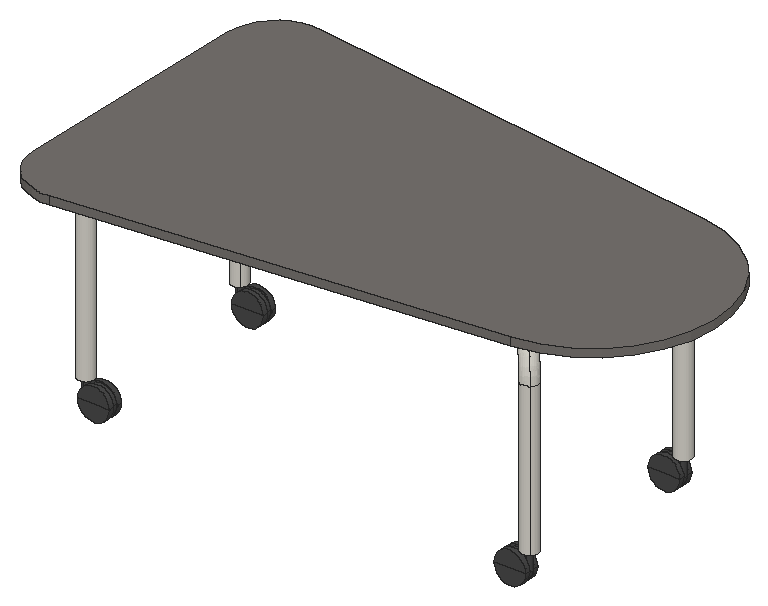
Revit family "Table-Teknion-CQTHU_Partner_Table-R2020", category Furniture, Revit 2020
Family settings
  OmniClass Number = 23.40.20.00
  OmniClass Title = General Furniture and Specialties
  Work Plane-Based = No
  Always vertical = Yes
  Cut with Voids When Loaded = No
  Shared = Yes
  Room Calculation Point = No
Parameters (values of type "Task Height, Mobile Mobility")
  Warranty = "http://www.teknion.com/ca/papers/legal-canada"
  Unit Weight URL = "http://www.teknion.com/ca/tools/assets#&asset=bee6a381-b954-425e-8283-5a2de3a804f2,f828d448-4b62-4231-9e5f-9a8991c0ed77"
  URL = "www.teknion.com"
  Sustainability Data = "https://www.teknion.com/ca/tools/assets#&topic=216f99a5-57a0-44fc-b10a-9dee9b29ae4c&asset=444deb64-fe58-4b68-981e-f75e97781df7,b4ff2d81-9f2e-437d-9659-7cffb09c31cf"
  Surface Finish [instance] = Foundation Laminate - Teknion - 2C - Urban Walnut
  Support Surface = yes
  Support Leg = no
  Series = "Routes"  # constant formula
  Product Page URL = "https://www.teknion.com/ca/products/product-details?productLineId=70f0476f-8e7a-673b-a6c8-ff05004460c4"
  Product Line = "Routes Tables"  # constant formula
  Product Documentation Link = "https://assets.teknion.com/m/72af4764f50e983c/original/Routes-Reference-Guide.pdf"
  Part Number = "CQTHU"  # constant formula
  Model = "CQTHUTM4272"
  Mobile Leg = yes
  Manufacturer Phone = "416-661-3370"  # constant formula
  Manufacturer Fax = "416.661.4586"  # constant formula
  Manufacturer Contact Information = "http://www.teknion.com/ca/contactus"
  Manufacturer Address = "1150 Flint Road, Toronto, ON. M3J 2J5. Canada"  # constant formula
  Manufacturer = "Teknion"  # constant formula
  How to Add Texture Images to your Revit Project [instance] = "https://assets.teknion.com/m/205dd0a49fa58060/original/How-to-add-a-Material-Library-and-Texture-Images-to-your-Revit-project.pdf"
  Height = 29.000"
  Frame Finish [instance] = Paint - Teknion - Foundation - Sand
  For Additional Finishes please visit [instance] = "https://assets.teknion.com/m/44a8009b046e5d47/original/Teknion_Materials_Library.zip"
  Foot Finish [instance] = Plastic - Teknion - E - Ebony
  Fixed Leg = no
  Description = "Partner Table - Task Height with Mobile Mobility"
  Default Elevation = 0.000"
  Caster Finish [instance] = Plastic - Teknion - E - Ebony
  Assembly Code = "E2020200"
Reference planes (in)
  plane 1 "Center Front/Back": y = 0
  plane 2: z = 0
  plane 3 "Center Left/Right": x = 0
  plane 4 "Left": x = -36
  plane 5 "Right": x = 36
  plane 6 "Back": y = 21
  plane 7 "Front": y = -21
  plane 8 "Top": z = 29
  plane 9: z = 28
  plane 10: z = 27.75
  plane 11: through (-25.41537, -5.21598, 48) normal (0.7071, -0.7071, 0)
  plane 12: through (-25.41537, 5.21598, 48) normal (-0.7071, -0.7071, 0)
  plane 13: through (16.1693, 5.36892, 48) normal (-0.7071, 0.7071, 0)
  plane 14: through (16.1693, -5.36892, 48) normal (0.7071, 0.7071, 0)
  plane 15: z = 4.086
  plane 16: z = 8
  plane 17: y = 11.88108
  plane 18: y = -11.88108
  plane 19: x = -32.08047
  plane 20: x = 22.68145
  plane 21: z = 1.9685
  plane 22: z = 0.875
  plane 23: z = 22.7601
  plane 24: z = 28
  plane 25: z = 27.925
  plane 26: z = 26.24982
Forms (in)
  Sweep 1, solid, material "Foundation Laminate - Teknion - 2C - Urban Walnut" <- "Surface Finish"
    path origin (0, 0, 0) x (1, 0, 0) y (0, 0, 1)
      loop
        line (0, 29) -> (0, 28)
    profile origin (0, 0, 28.5) x (0, -1, 0) y (1, 0, 0)
      loop
        line (-15, -36) -> (15, -36)
        arc (15, -36) -> (19.48131, -33.98972) -> (20.95972, -29.30596) r 6
        line (20.95972, -29.30596) -> (14.89931, 22.73509)
        arc (14.89931, 22.73509) -> (0, 36) -> (-14.89931, 22.73509) r 15
        line (-14.89931, 22.73509) -> (-20.95972, -29.30596)
        arc (-20.95972, -29.30596) -> (-19.48131, -33.98972) -> (-15, -36) r 6
  Sweep 2, solid, material "Paint - Teknion - Foundation - Sand" <- "Frame Finish"
    path origin (-25.41537, -5.21598, 48) x (0.707107, 0.707107, 0) y (0, 0, 1)
      loop
        arc (-9.42587, -25.2399) -> (-8.25432, -22.41153) -> (-5.42596, -21.23999) r 3.99991
        line (-5.42596, -21.23999) -> (0, -21.23999)
    profile origin (-27.33374, -7.13435, 26.76001) x (0, 0, 1) y (0.707107, -0.707107, 0)
      loop
        circle (0, 0) r 1
  Sweep 3, solid, material "Paint - Teknion - Foundation - Sand" <- "Frame Finish"
    path origin (-25.41537, 5.21598, 48) x (0.707107, -0.707107, 0) y (0, 0, 1)
      loop
        arc (-9.42587, -25.236) -> (-8.25547, -22.4104) -> (-5.42987, -21.24) r 3.996
        line (-5.42987, -21.24) -> (0, -21.24)
    profile origin (-27.33512, 7.13573, 26.76) x (0, 0, -1) y (0.707107, 0.707107, 0)
      loop
        circle (0, 0) r 1
  Sweep 4, solid, material "Paint - Teknion - Foundation - Sand" <- "Frame Finish"
    path origin (16.1693, -5.36892, 48) x (-0.707107, 0.707107, 0) y (0, 0, 1)
      loop
        line (0.21629, -21.23999) -> (-5.19957, -21.23999)
        arc (-5.19957, -21.23999) -> (-8.03508, -22.41449) -> (-9.20958, -25.25) r 4.01001
    profile origin (17.93115, -7.13078, 26.76001) x (0, 0, 1) y (-0.707107, -0.707107, 0)
      loop
        circle (0, 0) r 1
  Sweep 5, solid, material "Paint - Teknion - Foundation - Sand" <- "Frame Finish"
    path origin (16.1693, 5.36892, 48) x (-0.707107, -0.707107, 0) y (0, 0, 1)
      loop
        line (0.21629, -21.23999) -> (-5.19957, -21.23999)
        arc (-5.19957, -21.23999) -> (-8.03508, -22.41449) -> (-9.20958, -25.25) r 4.01001
    profile origin (17.93115, 7.13078, 26.76001) x (0, 0, -1) y (-0.707107, 0.707107, 0)
      loop
        circle (0, 0) r 1
  Sweep 6, solid, material "Paint - Teknion - Foundation - Sand" <- "Frame Finish"
    path origin (0, 0, 0) x (1, 0, 0) y (0, 0, 1)
      loop
        line (-36, 27.75) -> (-36, 28)
    profile origin (-36, 0, 27.875) x (-1, 0, 0) y (0, -1, 0)
      loop
        line (-7.58979, 4.51306) -> (-5.17785, 6.925)
        arc (-5.17785, 6.925) -> (-4.95818, 7.45533) -> (-5.17785, 7.98566) r 0.75
        line (-5.17785, 7.98566) -> (-7.81527, 10.62309)
        arc (-7.81527, 10.62309) -> (-8.3456, 10.84276) -> (-8.87593, 10.62309) r 0.75
        line (-8.87593, 10.62309) -> (-11.28787, 8.21114)
        arc (-11.28787, 8.21114) -> (-11.50754, 7.68081) -> (-11.28787, 7.15048) r 0.75
        line (-11.28787, 7.15048) -> (-8.65045, 4.51306)
        arc (-8.65045, 4.51306) -> (-8.12012, 4.29339) -> (-7.58979, 4.51306) r 0.75
      loop
        arc (-7.58979, -4.51306) -> (-8.12012, -4.29339) -> (-8.65045, -4.51306) r 0.75
        line (-8.65045, -4.51306) -> (-11.28787, -7.15048)
        arc (-11.28787, -7.15048) -> (-11.50754, -7.68081) -> (-11.28787, -8.21114) r 0.75
        line (-11.28787, -8.21114) -> (-8.87593, -10.62309)
        arc (-8.87593, -10.62309) -> (-8.3456, -10.84276) -> (-7.81527, -10.62309) r 0.75
        line (-7.81527, -10.62309) -> (-5.17785, -7.98566)
        arc (-5.17785, -7.98566) -> (-4.95818, -7.45533) -> (-5.17785, -6.925) r 0.75
        line (-5.17785, -6.925) -> (-7.58979, -4.51306)
      loop
        arc (-55.01119, 4.51306) -> (-54.48086, 4.29339) -> (-53.95053, 4.51306) r 0.75
        line (-53.95053, 4.51306) -> (-51.31311, 7.15048)
        arc (-51.31311, 7.15048) -> (-51.09344, 7.68081) -> (-51.31311, 8.21114) r 0.75
        line (-51.31311, 8.21114) -> (-53.72505, 10.62309)
        arc (-53.72505, 10.62309) -> (-54.25538, 10.84276) -> (-54.78571, 10.62309) r 0.75
        line (-54.78571, 10.62309) -> (-57.42313, 7.98566)
        arc (-57.42313, 7.98566) -> (-57.6428, 7.45533) -> (-57.42313, 6.925) r 0.75
        line (-57.42313, 6.925) -> (-55.01119, 4.51306)
      loop
        line (-55.01119, -4.51306) -> (-57.42313, -6.925)
        arc (-57.42313, -6.925) -> (-57.6428, -7.45533) -> (-57.42313, -7.98566) r 0.75
        line (-57.42313, -7.98566) -> (-54.78571, -10.62309)
        arc (-54.78571, -10.62309) -> (-54.25538, -10.84276) -> (-53.72505, -10.62309) r 0.75
        line (-53.72505, -10.62309) -> (-51.31311, -8.21114)
        arc (-51.31311, -8.21114) -> (-51.09344, -7.68081) -> (-51.31311, -7.15048) r 0.75
        line (-51.31311, -7.15048) -> (-53.95053, -4.51306)
        arc (-53.95053, -4.51306) -> (-54.48086, -4.29339) -> (-55.01119, -4.51306) r 0.75
  Sweep 7, solid, material "Paint - Teknion - Foundation - Sand" <- "Frame Finish", visible <- "Support Leg"
    path origin (-41.56768, -180, 8) x (-1, 0, 0) y (0, -1, 0)
      loop
        line (-9.48721, -191.88108) -> (-19.61151, -181.75678)
        arc (-19.61151, -181.75678) -> (-20.3392, -180) -> (-19.61151, -178.24322) r 2.48446
        line (-19.61151, -178.24322) -> (-9.48721, -168.11892)
    profile origin (-27.01832, 6.81893, 8) x (0.707107, 0.707107, 0) y (0, 0, 1)
      loop
        circle (0, 0) r 0.625
  Sweep 8, solid, material "Paint - Teknion - Foundation - Sand" <- "Frame Finish", visible <- "Support Leg"
    path origin (-41.56768, -180, 8) x (-1, 0, 0) y (0, -1, 0)
      loop
        line (-64.24913, -168.11892) -> (-54.13563, -178.23242)
        arc (-54.13563, -178.23242) -> (-53.40348, -180) -> (-54.13563, -181.76758) r 2.49974
        line (-54.13563, -181.76758) -> (-64.24913, -191.88108)
    profile origin (17.6247, 6.82433, 8) x (-0.707107, 0.707107, 0) y (0, 0, 1)
      loop
        circle (0, 0) r 0.625
  Sweep 9, solid, material "Paint - Teknion - Foundation - Sand" <- "Frame Finish", visible <- "Support Leg"
    path origin (-41.56768, -180, 8) x (-1, 0, 0) y (0, -1, 0)
      loop
        line (-20.33897, -180) -> (-53.4038, -180)
    profile origin (-4.6963, 0, 8) x (0, 1, 0) y (0, 0, 1)
      loop
        circle (0, 0) r 0.625
  Revolve 10, solid, material "Plastic - Teknion - E - Ebony" <- "Caster Finish", visible <- "Mobile Leg"
    sketch origin (-41.56768, -180, 1.9685) x (-1, 0, 0) y (0, -1, 0)
      loop
        line (-11.16866, -192.77108) -> (-11.16866, -190.99108) -> (-13.12511, -190.99108) -> (-13.12511, -191.55608) -> (-12.98043, -191.55608) -> (-12.98043, -192.20608) -> (-13.12511, -192.20608) -> (-13.12511, -192.77108) -> (-11.16866, -192.77108)
      axis (-11.16866, -192.77108) -> (-11.16866, -190.99108)
    angle from 0 to 360
  Sweep 11, solid, material "Plastic - Teknion - E - Ebony" <- "Caster Finish", visible <- "Mobile Leg"
    path origin (0, 0, 0) x (1, 0, 0) y (0, 0, 1)
      loop
        line (-32.08047, 4.086) -> (-32.08047, 1.9685)
    profile origin (-32.08047, 0, 3.02725) x (0, -1, 0) y (1, 0, 0)
      loop
        circle (-11.88108, 0) r 0.35945
  Revolve 12, solid, material "Plastic - Teknion - E - Ebony" <- "Caster Finish", visible <- "Mobile Leg"
    sketch origin (-41.56768, 180, 1.9685) x (-1, 0, 0) y (0, -1, 0)
      loop
        line (-11.16866, 192.77108) -> (-13.12511, 192.77108) -> (-13.12511, 192.20608) -> (-12.98043, 192.20608) -> (-12.98043, 191.55608) -> (-13.12511, 191.55608) -> (-13.12511, 190.99108) -> (-11.16866, 190.99108) -> (-11.16866, 192.77108)
      axis (-11.16866, 192.77108) -> (-11.16866, 190.99108)
    angle from 0 to 360
  Sweep 13, solid, material "Plastic - Teknion - E - Ebony" <- "Caster Finish", visible <- "Mobile Leg"
    path origin (0, 0, 0) x (1, 0, 0) y (0, 0, -1)
      loop
        line (-32.08047, -4.086) -> (-32.08047, -1.9685)
    profile origin (-32.08047, 0, 3.02725) x (0, 1, 0) y (-1, 0, 0)
      loop
        circle (-11.88108, 0) r 0.35945
  Revolve 14, solid, material "Plastic - Teknion - E - Ebony" <- "Caster Finish", visible <- "Mobile Leg"
    sketch origin (32.16867, 180, 1.9685) x (1, 0, 0) y (0, 1, 0)
      loop
        line (-11.16866, -192.77108) -> (-11.16866, -190.99108) -> (-13.12511, -190.99108) -> (-13.12511, -191.55608) -> (-12.98043, -191.55608) -> (-12.98043, -192.20608) -> (-13.12511, -192.20608) -> (-13.12511, -192.77108) -> (-11.16866, -192.77108)
      axis (-11.16866, -192.77108) -> (-11.16866, -190.99108)
    angle from 0 to 360
  Sweep 15, solid, material "Plastic - Teknion - E - Ebony" <- "Caster Finish", visible <- "Mobile Leg"
    path origin (-9.39901, 0, 0) x (-1, 0, 0) y (0, 0, 1)
      loop
        line (-32.08047, 4.086) -> (-32.08047, 1.9685)
    profile origin (22.68145, 0, 3.02725) x (0, 1, 0) y (-1, 0, 0)
      loop
        circle (-11.88108, 0) r 0.35945
  Revolve 16, solid, material "Plastic - Teknion - E - Ebony" <- "Caster Finish", visible <- "Mobile Leg"
    sketch origin (32.16867, -180, 1.9685) x (1, 0, 0) y (0, 1, 0)
      loop
        line (-11.16866, 192.77108) -> (-13.12511, 192.77108) -> (-13.12511, 192.20608) -> (-12.98043, 192.20608) -> (-12.98043, 191.55608) -> (-13.12511, 191.55608) -> (-13.12511, 190.99108) -> (-11.16866, 190.99108) -> (-11.16866, 192.77108)
      axis (-11.16866, 192.77108) -> (-11.16866, 190.99108)
    angle from 0 to 360
  Sweep 17, solid, material "Plastic - Teknion - E - Ebony" <- "Caster Finish", visible <- "Mobile Leg"
    path origin (-9.39901, 0, 0) x (-1, 0, 0) y (0, 0, -1)
      loop
        line (-32.08047, -4.086) -> (-32.08047, -1.9685)
    profile origin (22.68145, 0, 3.02725) x (0, -1, 0) y (1, 0, 0)
      loop
        circle (-11.88108, 0) r 0.35945
  Sweep 18, solid, material "Paint - Teknion - Foundation - Sand" <- "Frame Finish", visible <- "Fixed Leg"
    path origin (0, 0, 0) x (1, 0, 0) y (0, 0, 1)
      loop
        line (-32.08047, 0.875) -> (-32.08047, 22.7601)
    profile origin (-32.08047, 0, 11.81755) x (-1, 0, 0) y (0, -1, 0)
      loop
        circle (0, -11.88108) r 1
      loop
        circle (0, 11.88108) r 1
      loop
        circle (-54.76192, -11.88108) r 1
      loop
        circle (-54.76192, 11.88108) r 1
  Sweep 19, solid, material "Paint - Teknion - Foundation - Sand" <- "Frame Finish", visible <- "Mobile Leg"
    path origin (0, 0, 0) x (1, 0, 0) y (0, 0, 1)
      loop
        line (-32.08047, 22.7601) -> (-32.08047, 4.086)
    profile origin (-32.08047, 0, 13.42305) x (0, -1, 0) y (1, 0, 0)
      loop
        circle (11.88108, 0) r 1
      loop
        circle (11.88108, 54.76192) r 1
      loop
        circle (-11.88108, 54.76192) r 1
      loop
        circle (-11.88108, 0) r 1
  Revolve 20, solid, material "Plastic - Teknion - E - Ebony" <- "Foot Finish", visible <- "Fixed Leg"
    sketch origin (-33.08047, -11.88108, 48) x (-1, 0, 0) y (0, 0, 1)
      loop
        line (-1, -48) -> (-1, -47.125) -> (-1.839, -47.125) -> (-1.839, -47.46425) -> (-1.99174, -47.46425) -> (-2, -47.9375) -> (-1.84375, -47.9375) -> (-1.84375, -48) -> (-1, -48)
      axis (-1, -47.125) -> (-1, -48)
    angle from 0 to 360
  Revolve 21, solid, material "Plastic - Teknion - E - Ebony" <- "Foot Finish", visible <- "Fixed Leg"
    sketch origin (-33.08047, 11.88108, 48) x (-1, 0, 0) y (0, 0, 1)
      loop
        line (-1, -48) -> (-1, -47.125) -> (-1.839, -47.125) -> (-1.839, -47.46425) -> (-1.99174, -47.46425) -> (-2, -47.9375) -> (-1.84375, -47.9375) -> (-1.84375, -48) -> (-1, -48)
      axis (-1, -47.125) -> (-1, -48)
    angle from 0 to 360
  Revolve 22, solid, material "Plastic - Teknion - E - Ebony" <- "Foot Finish", visible <- "Fixed Leg"
    sketch origin (23.68145, 11.88108, 48) x (1, 0, 0) y (0, 0, -1)
      loop
        line (-1, 48) -> (-1.84375, 48) -> (-1.84375, 47.9375) -> (-2, 47.9375) -> (-1.99174, 47.46425) -> (-1.839, 47.46425) -> (-1.839, 47.125) -> (-1, 47.125) -> (-1, 48)
      axis (-1, 47.125) -> (-1, 48)
    angle from 0 to 360
  Revolve 23, solid, material "Plastic - Teknion - E - Ebony" <- "Foot Finish", visible <- "Fixed Leg"
    sketch origin (23.68145, -11.88108, 48) x (1, 0, 0) y (0, 0, 1)
      loop
        line (-1, -48) -> (-1, -47.125) -> (-1.839, -47.125) -> (-1.839, -47.46425) -> (-1.99174, -47.46425) -> (-2, -47.9375) -> (-1.84375, -47.9375) -> (-1.84375, -48) -> (-1, -48)
      axis (-1, -47.125) -> (-1, -48)
    angle from 0 to 360
  Sweep 24, solid, material "Paint - Teknion - Foundation - Sand" <- "Frame Finish", visible <- "Support Surface"
    path origin (-33.08047, -11.88108, 48) x (-1, 0, 0) y (0, 0, 1)
      loop
        line (-33.08047, -20.075) -> (-33.08047, -20)
    profile origin (0, -11.88108, 27.9625) x (-1, 0, 0) y (0, -1, 0)
      loop
        line (29.6455, -12.87408) -> (29.6455, -10.88808)
        arc (29.6455, -10.88808) -> (29.46244, -10.44614) -> (29.0205, -10.26308) r 0.625
        line (29.0205, -10.26308) -> (-27.0205, -10.26308)
        arc (-27.0205, -10.26308) -> (-27.46244, -10.44614) -> (-27.6455, -10.88808) r 0.625
        line (-27.6455, -10.88808) -> (-27.6455, -12.87408)
        arc (-27.6455, -12.87408) -> (-27.46244, -13.31602) -> (-27.0205, -13.49908) r 0.625
        line (-27.0205, -13.49908) -> (29.0205, -13.49908)
        arc (29.0205, -13.49908) -> (29.46244, -13.31602) -> (29.6455, -12.87408) r 0.625
  SweptBlend 25, solid, material "Paint - Teknion - Foundation - Sand" <- "Frame Finish", visible <- "Support Surface"
    path origin (-33.08047, -11.88108, 48) x (-1, 0, 0) y (0, 0, 1)
      loop
        line (-33.08047, -20.075) -> (-33.08047, -21.75018)
    profile origin (0, -11.88108, 27.925) x (0, -1, 0) y (1, 0, 0)
      loop
        arc (-12.83808, -28.49002) -> (-12.69163, -28.84357) -> (-12.33808, -28.99002) r 0.5
        line (-12.33808, -28.99002) -> (-11.42408, -28.99002)
        arc (-11.42408, -28.99002) -> (-11.07053, -28.84357) -> (-10.92408, -28.49002) r 0.5
        line (-10.92408, -28.49002) -> (-10.92408, 26.49005)
        arc (-10.92408, 26.49005) -> (-11.07053, 26.8436) -> (-11.42408, 26.99005) r 0.5
        line (-11.42408, 26.99005) -> (-12.33808, 26.99005)
        arc (-12.33808, 26.99005) -> (-12.69163, 26.8436) -> (-12.83808, 26.49005) r 0.5
        line (-12.83808, 26.49005) -> (-12.83808, -28.49002)
    end profile origin (0, -11.88108, 26.24982) x (0, -1, 0) y (1, 0, 0)
      loop
        arc (-12.2545, -28.25) -> (-12.1748, -28.4424) -> (-11.9824, -28.52209) r 0.27209
        line (-11.9824, -28.52209) -> (-11.77976, -28.52209)
        arc (-11.77976, -28.52209) -> (-11.58736, -28.4424) -> (-11.50766, -28.25) r 0.27209
        line (-11.50766, -28.25) -> (-11.50766, 26.25)
        arc (-11.50766, 26.25) -> (-11.58736, 26.4424) -> (-11.77976, 26.52209) r 0.27209
        line (-11.77976, 26.52209) -> (-11.9824, 26.52209)
        arc (-11.9824, 26.52209) -> (-12.1748, 26.4424) -> (-12.2545, 26.25) r 0.27209
        line (-12.2545, 26.25) -> (-12.2545, -28.25)
Lines and regions (in)
  Masking region 1
    outline origin (-41.56768, -180, 1.9685) x (-1, 0, 0) y (0, -1, 0)
      loop
        line (-64.30277, -194.89931) -> (-12.26172, -200.95972)
        arc (-12.26172, -200.95972) -> (-7.57796, -199.48131) -> (-5.56768, -195) r 6
        line (-5.56768, -195) -> (-5.56768, -165)
        arc (-5.56768, -165) -> (-7.57796, -160.51869) -> (-12.26172, -159.04028) r 6
        line (-12.26172, -159.04028) -> (-64.30277, -165.10069)
        arc (-64.30277, -165.10069) -> (-77.56768, -180) -> (-64.30277, -194.89931) r 15
  reference lines
    curve 1: line (-36, 21, 1.9685) -> (-36, -21, 1.9685)
    curve 2: line (-36, -21, 1.9685) -> (36, -21, 1.9685)
    curve 3: line (36, -21, 1.9685) -> (36, 21, 1.9685)
    curve 4: line (36, 21, 1.9685) -> (-36, 21, 1.9685)
  symbolic lines, style "FurnitureHiddenLines", detail levels medium+fine
    curve 5: line (-28.41021, -4.51306, 1.9685) -> (-30.82215, -6.925, 1.9685)
    curve 6: arc (-30.82215, -6.925, 1.9685) -> (-31.04182, -7.45533, 1.9685) -> (-30.82215, -7.98566, 1.9685) r 0.75
    curve 7: line (-30.82215, -7.98566, 1.9685) -> (-28.18473, -10.62309, 1.9685)
    curve 8: arc (-28.18473, -10.62309, 1.9685) -> (-27.6544, -10.84276, 1.9685) -> (-27.12407, -10.62309, 1.9685) r 0.75
    curve 9: line (-27.12407, -10.62309, 1.9685) -> (-24.71213, -8.21114, 1.9685)
    curve 10: arc (-24.71213, -8.21114, 1.9685) -> (-24.49246, -7.68081, 1.9685) -> (-24.71213, -7.15048, 1.9685) r 0.75
    curve 11: line (-24.71213, -7.15048, 1.9685) -> (-27.34955, -4.51306, 1.9685)
    curve 12: arc (-27.34955, -4.51306, 1.9685) -> (-27.87988, -4.29339, 1.9685) -> (-28.41021, -4.51306, 1.9685) r 0.75
    curve 13: line (-24.71213, 8.21114, 1.9685) -> (-27.12407, 10.62309, 1.9685)
    curve 14: arc (-27.12407, 10.62309, 1.9685) -> (-27.6544, 10.84276, 1.9685) -> (-28.18473, 10.62309, 1.9685) r 0.75
    curve 15: line (-28.18473, 10.62309, 1.9685) -> (-30.82215, 7.98566, 1.9685)
    curve 16: arc (-30.82215, 7.98566, 1.9685) -> (-31.04182, 7.45533, 1.9685) -> (-30.82215, 6.925, 1.9685) r 0.75
    curve 17: line (-30.82215, 6.925, 1.9685) -> (-28.41021, 4.51306, 1.9685)
    curve 18: arc (-28.41021, 4.51306, 1.9685) -> (-27.87988, 4.29339, 1.9685) -> (-27.34955, 4.51306, 1.9685) r 0.75
    curve 19: line (-27.34955, 4.51306, 1.9685) -> (-24.71213, 7.15048, 1.9685)
    curve 20: arc (-24.71213, 7.15048, 1.9685) -> (-24.49246, 7.68081, 1.9685) -> (-24.71213, 8.21114, 1.9685) r 0.75
    curve 21: line (19.01119, 4.51306, 1.9685) -> (21.42313, 6.925, 1.9685)
    curve 22: arc (21.42313, 6.925, 1.9685) -> (21.6428, 7.45533, 1.9685) -> (21.42313, 7.98566, 1.9685) r 0.75
    curve 23: line (21.42313, 7.98566, 1.9685) -> (18.78571, 10.62309, 1.9685)
    curve 24: arc (18.78571, 10.62309, 1.9685) -> (18.25538, 10.84276, 1.9685) -> (17.72505, 10.62309, 1.9685) r 0.75
    curve 25: line (17.72505, 10.62309, 1.9685) -> (15.31311, 8.21114, 1.9685)
    curve 26: arc (15.31311, 8.21114, 1.9685) -> (15.09344, 7.68081, 1.9685) -> (15.31311, 7.15048, 1.9685) r 0.75
    curve 27: line (15.31311, 7.15048, 1.9685) -> (17.95053, 4.51306, 1.9685)
    curve 28: arc (17.95053, 4.51306, 1.9685) -> (18.48086, 4.29339, 1.9685) -> (19.01119, 4.51306, 1.9685) r 0.75
    curve 29: line (21.42313, -6.925, 1.9685) -> (19.01119, -4.51306, 1.9685)
    curve 30: arc (19.01119, -4.51306, 1.9685) -> (18.48086, -4.29339, 1.9685) -> (17.95053, -4.51306, 1.9685) r 0.75
    curve 31: line (17.95053, -4.51306, 1.9685) -> (15.31311, -7.15048, 1.9685)
    curve 32: arc (15.31311, -7.15048, 1.9685) -> (15.09344, -7.68081, 1.9685) -> (15.31311, -8.21114, 1.9685) r 0.75
    curve 33: line (15.31311, -8.21114, 1.9685) -> (17.72505, -10.62309, 1.9685)
    curve 34: arc (17.72505, -10.62309, 1.9685) -> (18.25538, -10.84276, 1.9685) -> (18.78571, -10.62309, 1.9685) r 0.75
    curve 35: line (18.78571, -10.62309, 1.9685) -> (21.42313, -7.98566, 1.9685)
    curve 36: arc (21.42313, -7.98566, 1.9685) -> (21.6428, -7.45533, 1.9685) -> (21.42313, -6.925, 1.9685) r 0.75
    curve 61: line (-24.70826, -5.92309, 1.9685) -> (-26.12248, -4.50888, 1.9685)
    curve 62: arc (-32.78757, -12.58819, 1.9685) -> (-31.37336, -12.58819, 1.9685) -> (-31.37336, -11.17397, 1.9685) r 1
    curve 63: arc (-31.37336, -11.17397, 1.9685) -> (-32.78757, -11.17397, 1.9685) -> (-32.78757, -12.58819, 1.9685) r 1
    curve 64: line (-26.12248, -4.50888, 1.9685) -> (-32.78757, -11.17397, 1.9685)
    curve 65: line (-24.70826, -5.92309, 1.9685) -> (-31.37336, -12.58819, 1.9685)
    curve 66: arc (-32.78757, 12.58819, 1.9685) -> (-32.78757, 11.17397, 1.9685) -> (-31.37336, 11.17397, 1.9685) r 1
    curve 67: arc (-31.37336, 11.17397, 1.9685) -> (-31.37336, 12.58819, 1.9685) -> (-32.78757, 12.58819, 1.9685) r 1
    curve 68: line (-26.12248, 4.50888, 1.9685) -> (-24.70826, 5.92309, 1.9685)
    curve 69: line (-31.37336, 12.58819, 1.9685) -> (-24.70826, 5.92309, 1.9685)
    curve 70: line (-26.12248, 4.50888, 1.9685) -> (-32.78757, 11.17397, 1.9685)
    curve 71: line (16.72346, 4.50888, 1.9685) -> (15.30925, 5.92309, 1.9685)
    curve 72: arc (21.97435, 11.17397, 1.9685) -> (23.38856, 11.17397, 1.9685) -> (23.38856, 12.58819, 1.9685) r 1
    curve 73: arc (23.38856, 12.58819, 1.9685) -> (21.97435, 12.58819, 1.9685) -> (21.97435, 11.17397, 1.9685) r 1
    curve 74: line (15.30925, 5.92309, 1.9685) -> (21.97435, 12.58819, 1.9685)
    curve 75: line (16.72346, 4.50888, 1.9685) -> (23.38856, 11.17397, 1.9685)
    curve 76: arc (23.38856, -12.58819, 1.9685) -> (23.38856, -11.17397, 1.9685) -> (21.97435, -11.17397, 1.9685) r 1
    curve 77: arc (21.97435, -11.17397, 1.9685) -> (21.97435, -12.58819, 1.9685) -> (23.38856, -12.58819, 1.9685) r 1
    curve 78: line (15.30925, -5.92309, 1.9685) -> (16.72346, -4.50888, 1.9685)
    curve 79: line (16.72346, -4.50888, 1.9685) -> (23.38856, -11.17397, 1.9685)
    curve 80: line (15.30925, -5.92309, 1.9685) -> (21.97435, -12.58819, 1.9685)
    curve 89: arc (-31.97042, 10.88715, 1.9685) -> (-31.64746, 10.97969, 1.9685) -> (-31.37336, 11.17397, 1.9685) r 1
    curve 90: arc (-31.37336, 11.17397, 1.9685) -> (-31.17908, 11.44807, 1.9685) -> (-31.08654, 11.77104, 1.9685) r 1
  symbolic lines, style "FurnitureHiddenLines", visible <- "Support Surface", detail levels medium+fine
    curve 37: line (27.0205, 1.618, 1.9685) -> (-29.0205, 1.618, 1.9685)
    curve 38: line (-29.6455, 0.993, 1.9685) -> (-29.6455, -0.993, 1.9685)
    curve 39: arc (-29.6455, 0.993, 1.9685) -> (-29.46244, 1.43494, 1.9685) -> (-29.0205, 1.618, 1.9685) r 0.625
    curve 40: line (-29.0205, -1.618, 1.9685) -> (27.0205, -1.618, 1.9685)
    curve 41: arc (-29.0205, -1.618, 1.9685) -> (-29.46244, -1.43494, 1.9685) -> (-29.6455, -0.993, 1.9685) r 0.625
    curve 42: line (27.6455, -0.993, 1.9685) -> (27.6455, 0.993, 1.9685)
    curve 43: arc (27.0205, 1.618, 1.9685) -> (27.46244, 1.43494, 1.9685) -> (27.6455, 0.993, 1.9685) r 0.625
    curve 44: arc (27.6455, -0.993, 1.9685) -> (27.46244, -1.43494, 1.9685) -> (27.0205, -1.618, 1.9685) r 0.625
    curve 45: line (-28.49002, -0.957, 1.9685) -> (26.49005, -0.957, 1.9685)
    curve 46: line (26.25, -0.37342, 1.9685) -> (-28.25, -0.37342, 1.9685)
    curve 47: line (-28.25, 0.37342, 1.9685) -> (26.25, 0.37342, 1.9685)
    curve 48: line (26.49005, 0.957, 1.9685) -> (-28.49002, 0.957, 1.9685)
    curve 49: line (26.99005, -0.457, 1.9685) -> (26.99005, 0.457, 1.9685)
    curve 50: arc (26.49005, -0.957, 1.9685) -> (26.8436, -0.81055, 1.9685) -> (26.99005, -0.457, 1.9685) r 0.5
    curve 51: arc (26.52209, -0.10132, 1.9685) -> (26.4424, -0.29372, 1.9685) -> (26.25, -0.37342, 1.9685) r 0.27209
    curve 52: line (26.52209, 0.10132, 1.9685) -> (26.52209, -0.10132, 1.9685)
    curve 53: arc (26.25, 0.37342, 1.9685) -> (26.4424, 0.29372, 1.9685) -> (26.52209, 0.10132, 1.9685) r 0.27209
    curve 54: arc (26.99005, 0.457, 1.9685) -> (26.8436, 0.81055, 1.9685) -> (26.49005, 0.957, 1.9685) r 0.5
    curve 55: line (-28.99002, 0.457, 1.9685) -> (-28.99002, -0.457, 1.9685)
    curve 56: line (-28.52209, -0.10132, 1.9685) -> (-28.52209, 0.10132, 1.9685)
    curve 57: arc (-28.25, -0.37342, 1.9685) -> (-28.4424, -0.29372, 1.9685) -> (-28.52209, -0.10132, 1.9685) r 0.27209
    curve 58: arc (-28.52209, 0.10132, 1.9685) -> (-28.4424, 0.29372, 1.9685) -> (-28.25, 0.37342, 1.9685) r 0.27209
    curve 59: arc (-28.99002, -0.457, 1.9685) -> (-28.84357, -0.81055, 1.9685) -> (-28.49002, -0.957, 1.9685) r 0.5
    curve 60: arc (-28.49002, 0.957, 1.9685) -> (-28.84357, 0.81055, 1.9685) -> (-28.99002, 0.457, 1.9685) r 0.5
  symbolic lines, style "FurnitureHiddenLines", visible <- "Support Leg", detail levels medium+fine
    curve 81: arc (-31.08654, -11.77104, 1.9685) -> (-31.17908, -11.44807, 1.9685) -> (-31.37336, -11.17397, 1.9685) r 1
    curve 82: arc (-31.37336, -11.17397, 1.9685) -> (-31.64746, -10.97969, 1.9685) -> (-31.97042, -10.88715, 1.9685) r 1
    curve 83: line (-31.97042, -10.88715, 1.9685) -> (-22.39658, -1.31331, 1.9685)
    curve 84: line (-31.08654, -11.77104, 1.9685) -> (-21.5127, -2.19719, 1.9685)
    curve 85: arc (-22.39658, 1.31331, 1.9685) -> (-21.85259, 0, 1.9685) -> (-22.39658, -1.31331, 1.9685) r 1.8573
    curve 86: arc (-20.6039, 0.09036, 1.9685) -> (-20.82213, -1.14724, 1.9685) -> (-21.5127, -2.19719, 1.9685) r 3.1073
    curve 87: line (-31.97042, 10.88715, 1.9685) -> (-22.39658, 1.31331, 1.9685)
    curve 88: line (-31.08654, 11.77104, 1.9685) -> (-21.5127, 2.19719, 1.9685)
    curve 91: arc (-20.6039, 0.09036, 1.9685) -> (-20.85671, 1.23073, 1.9685) -> (-21.5127, 2.19719, 1.9685) r 3.1073
    curve 92: line (-20.6661, 0.625, 1.9685) -> (11.26708, 0.625, 1.9685)
    curve 93: line (-20.6661, -0.625, 1.9685) -> (11.26708, -0.625, 1.9685)
    curve 94: line (22.57141, 10.88715, 1.9685) -> (12.99757, 1.31331, 1.9685)
    curve 95: line (21.68753, 11.77104, 1.9685) -> (12.11368, 2.19719, 1.9685)
    curve 96: arc (21.97435, 11.17397, 1.9685) -> (22.24844, 10.97969, 1.9685) -> (22.57141, 10.88715, 1.9685) r 1
    curve 97: arc (21.68753, 11.77104, 1.9685) -> (21.78007, 11.44807, 1.9685) -> (21.97435, 11.17397, 1.9685) r 1
    curve 98: arc (12.99757, 1.31331, 1.9685) -> (12.45358, 0, 1.9685) -> (12.99757, -1.31331, 1.9685) r 1.8573
    curve 99: arc (11.23651, 0.45119, 1.9685) -> (11.36116, -0.97698, 1.9685) -> (12.11368, -2.19719, 1.9685) r 3.1073
    curve 100: arc (11.23651, 0.45119, 1.9685) -> (11.53428, 1.39494, 1.9685) -> (12.11368, 2.19719, 1.9685) r 3.1073
    curve 101: arc (22.57141, -10.88715, 1.9685) -> (22.24844, -10.97969, 1.9685) -> (21.97435, -11.17397, 1.9685) r 1
    curve 102: arc (21.97435, -11.17397, 1.9685) -> (21.78007, -11.44807, 1.9685) -> (21.68753, -11.77104, 1.9685) r 1
    curve 103: line (21.68753, -11.77104, 1.9685) -> (12.11368, -2.19719, 1.9685)
    curve 104: line (22.57141, -10.88715, 1.9685) -> (12.99757, -1.31331, 1.9685)
  symbolic lines, style "FurnitureHiddenLines", visible <- "Fixed Leg", detail levels fine
    curve 105: arc (-33.08047, -11.88108, 1.9685) -> (-32.08047, -10.88108, 1.9685) -> (-31.08047, -11.88108, 1.9685) r 1
    curve 106: arc (-31.08047, -11.88108, 1.9685) -> (-32.08047, -12.88108, 1.9685) -> (-33.08047, -11.88108, 1.9685) r 1
    curve 107: arc (-31.08873, -11.88108, 1.9685) -> (-32.08047, -12.87282, 1.9685) -> (-33.07221, -11.88108, 1.9685) r 0.99174
    curve 108: arc (-33.07221, -11.88108, 1.9685) -> (-32.08047, -10.88934, 1.9685) -> (-31.08873, -11.88108, 1.9685) r 0.99174
    curve 109: arc (-32.91947, -11.88108, 1.9685) -> (-32.08047, -12.72008, 1.9685) -> (-31.24147, -11.88108, 1.9685) r 0.839
    curve 110: arc (-31.24147, -11.88108, 1.9685) -> (-32.08047, -11.04208, 1.9685) -> (-32.91947, -11.88108, 1.9685) r 0.839
    curve 111: arc (-31.23672, -11.88108, 1.9685) -> (-32.08047, -11.03733, 1.9685) -> (-32.92422, -11.88108, 1.9685) r 0.84375
    curve 112: arc (-32.92422, -11.88108, 1.9685) -> (-32.08047, -12.72483, 1.9685) -> (-31.23672, -11.88108, 1.9685) r 0.84375
    curve 113: arc (-33.08047, 11.88108, 1.9685) -> (-32.08047, 12.88108, 1.9685) -> (-31.08047, 11.88108, 1.9685) r 1
    curve 114: arc (-33.07221, 11.88108, 1.9685) -> (-32.08047, 12.87282, 1.9685) -> (-31.08873, 11.88108, 1.9685) r 0.99174
    curve 115: arc (-32.92422, 11.88108, 1.9685) -> (-32.08047, 12.72483, 1.9685) -> (-31.23672, 11.88108, 1.9685) r 0.84375
    curve 116: arc (-32.91947, 11.88108, 1.9685) -> (-32.08047, 12.72008, 1.9685) -> (-31.24147, 11.88108, 1.9685) r 0.839
    curve 117: arc (-31.24147, 11.88108, 1.9685) -> (-32.08047, 11.04208, 1.9685) -> (-32.91947, 11.88108, 1.9685) r 0.839
    curve 118: arc (-31.23672, 11.88108, 1.9685) -> (-32.08047, 11.03733, 1.9685) -> (-32.92422, 11.88108, 1.9685) r 0.84375
    curve 119: arc (-31.08873, 11.88108, 1.9685) -> (-32.08047, 10.88934, 1.9685) -> (-33.07221, 11.88108, 1.9685) r 0.99174
    curve 120: arc (-31.08047, 11.88108, 1.9685) -> (-32.08047, 10.88108, 1.9685) -> (-33.08047, 11.88108, 1.9685) r 1
    curve 121: arc (21.68145, 11.88108, 1.9685) -> (22.68145, 12.88108, 1.9685) -> (23.68145, 11.88108, 1.9685) r 1
    curve 122: arc (23.67319, 11.88108, 1.9685) -> (22.68145, 10.88934, 1.9685) -> (21.68971, 11.88108, 1.9685) r 0.99174
    curve 123: arc (23.68145, 11.88108, 1.9685) -> (22.68145, 10.88108, 1.9685) -> (21.68145, 11.88108, 1.9685) r 1
    curve 124: arc (21.68971, 11.88108, 1.9685) -> (22.68145, 12.87282, 1.9685) -> (23.67319, 11.88108, 1.9685) r 0.99174
    curve 125: arc (21.8377, 11.88108, 1.9685) -> (22.68145, 11.03733, 1.9685) -> (23.5252, 11.88108, 1.9685) r 0.84375
    curve 126: arc (23.5252, 11.88108, 1.9685) -> (22.68145, 12.72483, 1.9685) -> (21.8377, 11.88108, 1.9685) r 0.84375
    curve 127: arc (23.52045, 11.88108, 1.9685) -> (22.68145, 12.72008, 1.9685) -> (21.84245, 11.88108, 1.9685) r 0.839
    curve 128: arc (21.84245, 11.88108, 1.9685) -> (22.68145, 11.04208, 1.9685) -> (23.52045, 11.88108, 1.9685) r 0.839
    curve 129: arc (21.68971, -11.88108, 1.9685) -> (22.68145, -10.88934, 1.9685) -> (23.67319, -11.88108, 1.9685) r 0.99174
    curve 130: arc (21.68145, -11.88108, 1.9685) -> (22.68145, -10.88108, 1.9685) -> (23.68145, -11.88108, 1.9685) r 1
    curve 131: arc (23.67319, -11.88108, 1.9685) -> (22.68145, -12.87282, 1.9685) -> (21.68971, -11.88108, 1.9685) r 0.99174
    curve 132: arc (23.68145, -11.88108, 1.9685) -> (22.68145, -12.88108, 1.9685) -> (21.68145, -11.88108, 1.9685) r 1
    curve 133: arc (23.52045, -11.88108, 1.9685) -> (22.68145, -12.72008, 1.9685) -> (21.84245, -11.88108, 1.9685) r 0.839
    curve 134: arc (23.5252, -11.88108, 1.9685) -> (22.68145, -12.72483, 1.9685) -> (21.8377, -11.88108, 1.9685) r 0.84375
    curve 135: arc (21.84245, -11.88108, 1.9685) -> (22.68145, -11.04208, 1.9685) -> (23.52045, -11.88108, 1.9685) r 0.839
    curve 136: arc (21.8377, -11.88108, 1.9685) -> (22.68145, -11.03733, 1.9685) -> (23.5252, -11.88108, 1.9685) r 0.84375
  symbolic lines, style "FurnitureHiddenLines", visible <- "Mobile Leg", detail levels fine
    curve 137: line (-32.35547, 12.77108, 1.9685) -> (-32.35547, 12.20608, 1.9685)
    curve 138: line (-28.44257, 12.77108, 1.9685) -> (-28.44257, 12.20608, 1.9685)
    curve 139: line (-28.58725, 12.20608, 1.9685) -> (-28.58725, 11.55608, 1.9685)
    curve 140: line (-32.21079, 12.20608, 1.9685) -> (-32.21079, 11.55608, 1.9685)
    curve 141: line (-28.44257, 11.55608, 1.9685) -> (-28.44257, 10.99108, 1.9685)
    curve 142: line (-32.35547, 11.55608, 1.9685) -> (-32.35547, 10.99108, 1.9685)
    curve 143: line (-28.44257, 12.77108, 1.9685) -> (-32.35547, 12.77108, 1.9685)
    curve 144: line (-28.44257, 12.20608, 1.9685) -> (-32.35547, 12.20608, 1.9685)
    curve 145: line (-28.44257, 11.55608, 1.9685) -> (-32.35547, 11.55608, 1.9685)
    curve 146: line (-28.44257, 10.99108, 1.9685) -> (-32.35547, 10.99108, 1.9685)
    curve 147: arc (-32.08047, 12.24053, 1.9685) -> (-32.43992, 11.88108, 1.9685) -> (-32.08047, 11.52163, 1.9685) r 0.35945
    curve 148: arc (-32.08047, 11.52163, 1.9685) -> (-31.72102, 11.88108, 1.9685) -> (-32.08047, 12.24053, 1.9685) r 0.35945
    curve 149: line (-32.35547, -10.99108, 1.9685) -> (-32.35547, -11.55608, 1.9685)
    curve 150: line (-32.35547, -12.20608, 1.9685) -> (-32.35547, -12.77108, 1.9685)
    curve 151: line (-28.44257, -12.20608, 1.9685) -> (-28.44257, -12.77108, 1.9685)
    curve 152: line (-28.44257, -10.99108, 1.9685) -> (-28.44257, -11.55608, 1.9685)
    curve 153: line (-28.58725, -11.55608, 1.9685) -> (-28.58725, -12.20608, 1.9685)
    curve 154: line (-32.21079, -11.55608, 1.9685) -> (-32.21079, -12.20608, 1.9685)
    curve 155: line (-28.44257, -12.77108, 1.9685) -> (-32.35547, -12.77108, 1.9685)
    curve 156: line (-28.44257, -12.20608, 1.9685) -> (-32.35547, -12.20608, 1.9685)
    curve 157: line (-28.44257, -11.55608, 1.9685) -> (-32.35547, -11.55608, 1.9685)
    curve 158: line (-28.44257, -10.99108, 1.9685) -> (-32.35547, -10.99108, 1.9685)
    curve 159: arc (-32.08047, -11.52163, 1.9685) -> (-32.43992, -11.88108, 1.9685) -> (-32.08047, -12.24053, 1.9685) r 0.35945
    curve 160: arc (-32.08047, -12.24053, 1.9685) -> (-31.72102, -11.88108, 1.9685) -> (-32.08047, -11.52163, 1.9685) r 0.35945
    curve 161: line (19.18823, 12.20608, 1.9685) -> (19.18823, 11.55608, 1.9685)
    curve 162: line (19.04355, 12.77108, 1.9685) -> (19.04355, 12.20608, 1.9685)
    curve 163: line (19.04355, 11.55608, 1.9685) -> (19.04355, 10.99108, 1.9685)
    curve 164: line (22.95645, 11.55608, 1.9685) -> (22.95645, 10.99108, 1.9685)
    curve 165: line (22.81177, 12.20608, 1.9685) -> (22.81177, 11.55608, 1.9685)
    curve 166: line (22.95645, 12.77108, 1.9685) -> (22.95645, 12.20608, 1.9685)
    curve 167: line (19.04355, 10.99108, 1.9685) -> (22.95645, 10.99108, 1.9685)
    curve 168: line (19.04355, 11.55608, 1.9685) -> (22.95645, 11.55608, 1.9685)
    curve 169: line (19.04355, 12.20608, 1.9685) -> (22.95645, 12.20608, 1.9685)
    curve 170: line (19.04355, 12.77108, 1.9685) -> (22.95645, 12.77108, 1.9685)
    curve 171: arc (22.68145, 11.52163, 1.9685) -> (23.04091, 11.88108, 1.9685) -> (22.68145, 12.24053, 1.9685) r 0.35945
    curve 172: arc (22.68145, 12.24053, 1.9685) -> (22.322, 11.88108, 1.9685) -> (22.68145, 11.52163, 1.9685) r 0.35945
    curve 173: line (19.04355, -10.99108, 1.9685) -> (19.04355, -11.55608, 1.9685)
    curve 174: line (19.04355, -12.20608, 1.9685) -> (19.04355, -12.77108, 1.9685)
    curve 175: line (19.18823, -11.55608, 1.9685) -> (19.18823, -12.20608, 1.9685)
    curve 176: line (22.81177, -11.55608, 1.9685) -> (22.81177, -12.20608, 1.9685)
    curve 177: line (22.95645, -10.99108, 1.9685) -> (22.95645, -11.55608, 1.9685)
    curve 178: line (22.95645, -12.20608, 1.9685) -> (22.95645, -12.77108, 1.9685)
    curve 179: line (19.04355, -12.77108, 1.9685) -> (22.95645, -12.77108, 1.9685)
    curve 180: line (19.04355, -12.20608, 1.9685) -> (22.95645, -12.20608, 1.9685)
    curve 181: line (19.04355, -11.55608, 1.9685) -> (22.95645, -11.55608, 1.9685)
    curve 182: line (19.04355, -10.99108, 1.9685) -> (22.95645, -10.99108, 1.9685)
    curve 183: arc (22.68145, -12.24053, 1.9685) -> (23.04091, -11.88108, 1.9685) -> (22.68145, -11.52163, 1.9685) r 0.35945
    curve 184: arc (22.68145, -11.52163, 1.9685) -> (22.322, -11.88108, 1.9685) -> (22.68145, -12.24053, 1.9685) r 0.35945
Dimensions and locks (in)
  plane 4 "Left" to plane 5 "Right" = 72.000"
  plane 6 "Back" to plane 7 "Front" = 42.000"
  "Height": plane 8 "Top" to level
  equal spacing: plane 6 "Back", plane 1 "Center Front/Back", plane 7 "Front"
  equal spacing: plane 4 "Left", plane 3 "Center Left/Right", plane 5 "Right"
  locked: plane 8 "Top" to plane 9 at 1
  Sweep 1 sketch curve to plane 1 "Center Front/Back" to Sweep 1 sketch curve = 15.000" locked, 15.000" locked
  Sweep 1 sketch curve to plane 3 "Center Left/Right" to Sweep 1 sketch curve = 30.000" locked, 21.000" locked
  locked: plane 9 to plane 10 at 0.25
  locked: plane 7 "Front" to plane 11 at 5.19939
  locked: plane 6 "Back" to plane 12 at 5.19939
  plane 8 "Top" to Sweep 2 sketch curve to Sweep 2 sketch curve = 2.23999" locked, 3.99991" locked
  Sweep 3 sketch curve to Sweep 3 sketch curve to plane 10 = 3.996" locked, 0.990" locked
  locked: plane 13 to plane 5 "Right" at 4.19963
  locked: plane 14 to plane 5 "Right" at 4.19963
  locked: plane 15 to plane 2 at 4.086
  plane 4 "Left" to Sweep 6 sketch curve to Sweep 6 sketch curve to Sweep 6 sketch curve to Sweep 6 sketch curve = 5.17785" locked, 2.63742" locked, 1.06066" locked, 2.41194" locked  (x2)
  plane 6 "Back" to Sweep 6 sketch curve to Sweep 6 sketch curve to Sweep 6 sketch curve to Sweep 6 sketch curve = 10.37691" locked, 2.63742" locked, 1.06066" locked, 2.41194"
  plane 7 "Front" to Sweep 6 sketch curve to Sweep 6 sketch curve to Sweep 6 sketch curve to Sweep 6 sketch curve = 10.37691" locked, 2.63742" locked, 1.06066" locked, 2.41194" locked
  Sweep 6 sketch curve to Sweep 6 sketch curve to Sweep 6 sketch curve to Sweep 6 sketch curve to plane 5 "Right" = 2.41194" locked, 1.06066" locked, 2.63742" locked, 14.57687" locked
  plane 6 "Back" to Sweep 6 sketch curve to Sweep 6 sketch curve to Sweep 6 sketch curve to Sweep 6 sketch curve = 10.37691" locked, 2.63742" locked, 1.06066" locked, 2.41194" locked
  Sweep 6 sketch curve to Sweep 6 sketch curve to Sweep 6 sketch curve to Sweep 6 sketch curve to plane 5 "Right" = 2.63742" locked, 1.06066" locked, 2.41194" locked, 14.57687" locked
  plane 7 "Front" to Sweep 6 sketch curve to Sweep 6 sketch curve to Sweep 6 sketch curve to Sweep 6 sketch curve = 10.37691" locked, 2.41194" locked, 1.06066" locked, 2.63742" locked
  locked: plane 16 to plane 2 at 8
  locked: plane 4 "Left" to Sweep 7 sketch curve at 12.28705
  locked: Sweep 7 sketch curve to plane 4 "Left" at 8.98168
  locked: Sweep 8 sketch curve to plane 5 "Right" at 21.66447
  Sweep 8 sketch curve to Sweep 8 sketch curve to plane 1 "Center Front/Back" to Sweep 8 sketch curve to Sweep 8 sketch curve = 10.1135" locked, 1.76758" locked, 1.76758" locked, 10.1135" locked
  locked: Sweep 8 sketch curve to plane 5 "Right" at 18.3753
  Sweep 7 sketch curve to Sweep 7 sketch curve to plane 1 "Center Front/Back" to Sweep 7 sketch curve to Sweep 7 sketch curve = 10.1243" locked, 1.75678" locked, 1.75678" locked, 10.1243" locked
  plane 17 to plane 1 "Center Front/Back" to plane 18 = 11.88108" locked, 11.88108" locked
  locked: plane 4 "Left" to plane 19 at 3.91953
  locked: plane 20 to plane 5 "Right" at 13.31855
  locked: plane 21 to plane 2 at 1.9685
  plane 19 to Revolve 10 sketch curve to Revolve 10 sketch curve to Revolve 10 sketch curve = 1.68145" locked, 1.81177" locked, 0.14468" locked
  Revolve 10 sketch curve to Revolve 10 sketch curve to plane 17 to Revolve 10 sketch curve to Revolve 10 sketch curve = 0.565" locked, 0.325" locked, 0.325" locked, 0.565" locked
  plane 19 to Revolve 12 sketch curve to Revolve 12 sketch curve to Revolve 12 sketch curve = 1.68145" locked, 1.81177" locked, 0.14468" locked
  Revolve 12 sketch curve to Revolve 12 sketch curve to plane 18 to Revolve 12 sketch curve to Revolve 12 sketch curve = 0.565" locked, 0.325" locked, 0.325" locked, 0.565" locked
  plane 19 to Sweep 9 sketch curve to Sweep 9 sketch curve = 10.85175" locked, 33.06484" locked
  locked: plane 22 to plane 2 at 0.875
  locked: plane 9 to Sweep 2 sketch curve at 1.23999
  locked: Sweep 2 sketch curve to plane 4 "Left" at 8.66626
  locked: plane 8 "Top" to plane 23 at 6.2399
  Sweep 3 sketch curve to Sweep 3 sketch curve to Sweep 3 sketch curve to plane 4 "Left" = 3.8395" locked, 2.8256" locked, 3.91953" locked
  locked: Sweep 3 sketch curve to plane 9 at 1.24
  locked: Sweep 3 sketch curve to plane 4 "Left" at 8.66488
  Sweep 2 sketch curve to Sweep 2 sketch curve to Sweep 2 sketch curve to plane 4 "Left" = 3.83673" locked, 2.82836" locked, 3.91953" locked
  plane 9 to Sweep 4 sketch curve to Sweep 4 sketch curve = 1.23999" locked, 4.01001" locked
  Sweep 4 sketch curve to Sweep 4 sketch curve to Sweep 4 sketch curve to plane 5 "Right" = 3.82959" locked, 2.83551" locked, 13.31855" locked
  locked: plane 9 to Sweep 4 sketch curve at 1.23999
  locked: Sweep 4 sketch curve to plane 20 at 4.7503
  Sweep 5 sketch curve to Sweep 5 sketch curve to plane 9 = 4.01001" locked, 1.23999" locked
  Sweep 5 sketch curve to Sweep 5 sketch curve to Sweep 5 sketch curve to plane 5 "Right" = 3.82959" locked, 2.83551" locked, 13.31855" locked
  locked: Sweep 5 sketch curve to plane 9 at 1.23999
  locked: Sweep 5 sketch curve to plane 20 at 4.7503
  Revolve 20 sketch curve to Revolve 20 sketch curve to Revolve 20 sketch curve to Revolve 20 sketch curve to plane 19 = 0.00826" locked, 0.14799" locked, 0.00475" locked, 0.839" locked
  plane 2 to Revolve 22 sketch curve to Revolve 22 sketch curve = 0.0625" locked, 0.47325" locked
  Revolve 22 sketch curve to Revolve 22 sketch curve to Revolve 22 sketch curve to Revolve 22 sketch curve to plane 20 = 0.00826" locked, 0.14799" locked, 0.00475" locked, 0.839" locked
  plane 2 to Revolve 21 sketch curve to Revolve 21 sketch curve = 0.0625" locked, 0.47325" locked
  Revolve 21 sketch curve to Revolve 21 sketch curve to Revolve 21 sketch curve to Revolve 21 sketch curve to plane 19 = 0.00826" locked, 0.14799" locked, 0.00475" locked, 0.839" locked
  Revolve 20 sketch curve to Revolve 20 sketch curve to plane 2 = 0.47325" locked, 0.0625" locked
  Revolve 23 sketch curve to Revolve 23 sketch curve to plane 2 = 0.47325" locked, 0.0625" locked
  Revolve 23 sketch curve to Revolve 23 sketch curve to Revolve 23 sketch curve to Revolve 23 sketch curve to plane 20 = 0.00826" locked, 0.14799" locked, 0.00475" locked, 0.839" locked
  locked: plane 24 to plane 2 at 28
  plane 24 to plane 25 to plane 26 = 0.075" locked, 1.67518" locked
  Sweep 24 sketch curve to plane 3 "Center Left/Right" to Sweep 24 sketch curve = 29.6455" locked, 27.6455" locked
  Sweep 24 sketch curve to plane 1 "Center Front/Back" to Sweep 24 sketch curve = 1.618" locked, 1.618" locked
  SweptBlend 25 sketch curve to plane 3 "Center Left/Right" to SweptBlend 25 sketch curve = 28.99002" locked, 26.99005" locked
  SweptBlend 25 sketch curve to plane 1 "Center Front/Back" to SweptBlend 25 sketch curve = 0.957" locked, 0.957" locked
  SweptBlend 25 sketch curve to plane 3 "Center Left/Right" to SweptBlend 25 sketch curve = 28.52209" locked, 26.52209" locked
  SweptBlend 25 sketch curve to plane 1 "Center Front/Back" to SweptBlend 25 sketch curve = 0.37342" locked, 0.37342" locked
  Revolve 14 sketch curve to Revolve 14 sketch curve to plane 18 to Revolve 14 sketch curve to Revolve 14 sketch curve = 0.565" locked, 0.325" locked, 0.325" locked, 0.565" locked
  Revolve 14 sketch curve to Revolve 14 sketch curve to Revolve 14 sketch curve to plane 20 = 0.14468" locked, 1.81177" locked, 1.68145" locked
  Revolve 16 sketch curve to Revolve 16 sketch curve to plane 17 to Revolve 16 sketch curve to Revolve 16 sketch curve = 0.565" locked, 0.325" locked, 0.325" locked, 0.565" locked
  Revolve 16 sketch curve to Revolve 16 sketch curve to Revolve 16 sketch curve to plane 20 = 0.14468" locked, 1.81177" locked, 1.68145" locked
  locked: Sweep 7 sketch curve to plane 1 "Center Front/Back" at 6.81893
  locked: plane 1 "Center Front/Back" to Sweep 8 sketch curve at 6.82433
  diameter of Sweep 2 sketch curve = 2.000"
  diameter of Sweep 3 sketch curve = 2.000"
  aligned and locked: level to plane 2
  aligned and locked: Sweep 1 sketch curve to plane 3 "Center Left/Right"
  aligned and locked: plane 8 "Top" to Sweep 1 sketch curve
  aligned and locked: plane 9 to Sweep 1 sketch curve
  aligned and locked: Sweep 1 sketch curve to plane 4 "Left"
  aligned and locked: plane 1 "Center Front/Back" to Sweep 1 sketch curve
  aligned and locked: profile plane to plane 14
  aligned and locked: plane 9 to Sweep 6 sketch curve
  aligned and locked: plane 10 to Sweep 6 sketch curve
  aligned and locked: plane 4 "Left" to Sweep 6 sketch curve
  aligned and locked: Sweep 7 sketch curve to plane 12
  aligned and locked: plane 1 "Center Front/Back" to Sweep 7 sketch curve
  aligned and locked: plane 16 to Sweep 7 sketch curve
  aligned and locked: Sweep 8 sketch curve to plane 13
  aligned and locked: plane 1 "Center Front/Back" to Sweep 8 sketch curve
  aligned and locked: plane 16 to Sweep 8 sketch curve
  aligned and locked: plane 1 "Center Front/Back" to Sweep 9 sketch curve  (x2)
  aligned and locked: plane 16 to Sweep 9 sketch curve
  aligned and locked: Revolve 10 sketch curve to Revolve 10 sketch curve  (x2)
  aligned and locked: plane 15 to Sweep 11 sketch curve
  aligned and locked: plane 21 to Sweep 11 sketch curve
  aligned and locked: Sweep 11 sketch curve to plane 19
  aligned and locked: plane 17 to Sweep 11 sketch curve
  aligned and locked: plane 19 to Sweep 11 sketch curve
  aligned and locked: Revolve 12 sketch curve to Revolve 12 sketch curve  (x2)
  aligned and locked: Revolve 14 sketch curve to Revolve 14 sketch curve  (x2)
  aligned and locked: Revolve 16 sketch curve to Revolve 16 sketch curve  (x2)
  aligned and locked: plane 18 to Sweep 13 sketch curve
  aligned and locked: plane 19 to Sweep 13 sketch curve
  aligned and locked: Sweep 13 sketch curve to plane 19
  aligned and locked: plane 15 to Sweep 13 sketch curve
  aligned and locked: plane 21 to Sweep 13 sketch curve
  aligned and locked: plane 22 to Sweep 18 sketch curve
  aligned and locked: plane 19 to Sweep 18 sketch curve
  aligned and locked: plane 23 to Sweep 18 sketch curve
  aligned and locked: Sweep 18 sketch curve to Sweep 3  (x2)
  aligned and locked: Sweep 18 sketch curve to Sweep 2  (x2)
  aligned and locked: Sweep 18 sketch curve to Sweep 5  (x2)
  aligned and locked: Sweep 18 sketch curve to Sweep 4  (x2)
  aligned and locked: plane 23 to Sweep 19 sketch curve
  aligned and locked: plane 15 to Sweep 19 sketch curve
  aligned and locked: Sweep 19 sketch curve to plane 19
  aligned and locked: Sweep 19 sketch curve to Sweep 2  (x2)
  aligned and locked: Sweep 19 sketch curve to Sweep 4  (x2)
  aligned and locked: Sweep 19 sketch curve to Sweep 5  (x2)
  aligned and locked: Sweep 19 sketch curve to Sweep 3  (x2)
  aligned and locked: plane 19 to Revolve 20 sketch curve
  aligned and locked: Revolve 20 sketch curve to plane 19
  aligned and locked: Revolve 20 sketch curve to plane 22
  aligned and locked: plane 2 to Revolve 20 sketch curve
  aligned and locked: Revolve 22 sketch curve to plane 22
  aligned and locked: plane 20 to Revolve 22 sketch curve
  aligned and locked: plane 2 to Revolve 22 sketch curve
  aligned and locked: Revolve 21 sketch curve to plane 19
  aligned and locked: plane 19 to Revolve 21 sketch curve
  aligned and locked: plane 22 to Revolve 21 sketch curve
  aligned and locked: Revolve 21 sketch curve to plane 2
  aligned and locked: Revolve 23 sketch curve to plane 20
  aligned and locked: plane 20 to Revolve 23 sketch curve
  aligned and locked: plane 22 to Revolve 23 sketch curve
  aligned and locked: Revolve 23 sketch curve to plane 2
  aligned and locked: plane 24 to Sweep 24 sketch curve
  aligned and locked: plane 25 to Sweep 24 sketch curve
  aligned and locked: plane 3 "Center Left/Right" to Sweep 24 sketch curve
  aligned and locked: plane 26 to SweptBlend 25 sketch curve
  aligned and locked: plane 25 to SweptBlend 25 sketch curve
  aligned and locked: SweptBlend 25 sketch curve to plane 3 "Center Left/Right"
  aligned and locked: curve 4 to plane 6 "Back"
  aligned and locked: curve 3 to plane 5 "Right"
  aligned and locked: curve 2 to plane 7 "Front"
  aligned and locked: curve 1 to plane 4 "Left"
  aligned and locked: Masking region 1 sketch curve to Sweep 1  (x3)
  aligned and locked: curve 6 to Sweep 6
  aligned and locked: curve 8 to Sweep 6
  aligned and locked: curve 10 to Sweep 6
  aligned and locked: curve 12 to Sweep 6
  aligned and locked: curve 14 to Sweep 6
  aligned and locked: curve 16 to Sweep 6
  aligned and locked: curve 18 to Sweep 6
  aligned and locked: curve 20 to Sweep 6
  aligned and locked: curve 22 to Sweep 6
  aligned and locked: curve 24 to Sweep 6
  aligned and locked: curve 26 to Sweep 6
  aligned and locked: curve 28 to Sweep 6
  aligned and locked: curve 30 to Sweep 6
  aligned and locked: curve 32 to Sweep 6
  aligned and locked: curve 34 to Sweep 6
  aligned and locked: curve 36 to Sweep 6
  aligned and locked: curve 39 to Sweep 24
  aligned and locked: curve 41 to Sweep 24
  aligned and locked: curve 43 to Sweep 24
  aligned and locked: curve 44 to Sweep 24
  aligned and locked: curve 50 to SweptBlend 25
  aligned and locked: curve 51 to SweptBlend 25
  aligned and locked: curve 53 to SweptBlend 25
  aligned and locked: curve 54 to SweptBlend 25
  aligned and locked: curve 57 to SweptBlend 25
  aligned and locked: curve 58 to SweptBlend 25
  aligned and locked: curve 59 to SweptBlend 25
  aligned and locked: curve 60 to SweptBlend 25
  aligned and locked: curve 61 to Sweep 2
  aligned and locked: curve 62 to Sweep 19
  aligned and locked: curve 63 to Sweep 19
  aligned and locked: curve 66 to Sweep 19
  aligned and locked: curve 67 to Sweep 19
  aligned and locked: curve 68 to Sweep 3
  aligned and locked: curve 71 to Sweep 5
  aligned and locked: curve 72 to Sweep 19
  aligned and locked: curve 73 to Sweep 19
  aligned and locked: curve 76 to Sweep 19
  aligned and locked: curve 77 to Sweep 19
  aligned and locked: curve 78 to Sweep 4
  aligned and locked: curve 81 to Sweep 19
  aligned and locked: curve 82 to Sweep 19
  aligned and locked: Sweep 7 to curve 84
  aligned and locked: Sweep 7 to curve 83
  aligned and locked: curve 89 to Sweep 19
  aligned and locked: curve 90 to Sweep 19
  aligned and locked: Sweep 7 to curve 87
  aligned and locked: Sweep 7 to curve 88
  aligned and locked: Sweep 9 to curve 92
  aligned and locked: Sweep 9 to curve 93
  aligned and locked: curve 96 to Sweep 19
  aligned and locked: curve 97 to Sweep 19
  aligned and locked: curve 101 to Sweep 19
  aligned and locked: curve 102 to Sweep 19
  aligned and locked: Sweep 8 to curve 104
  aligned and locked: Sweep 8 to curve 103
  aligned and locked: curve 105 to Revolve 20
  aligned and locked: curve 106 to Revolve 20
  aligned and locked: curve 107 to Revolve 20
  aligned and locked: curve 108 to Revolve 20
  aligned and locked: curve 109 to Revolve 20
  aligned and locked: curve 110 to Revolve 20
  aligned and locked: curve 111 to Revolve 20
  aligned and locked: curve 112 to Revolve 20
  aligned and locked: curve 113 to Revolve 21
  aligned and locked: curve 114 to Revolve 21
  aligned and locked: curve 115 to Revolve 21
  aligned and locked: curve 116 to Revolve 21
  aligned and locked: curve 117 to Revolve 21
  aligned and locked: curve 118 to Revolve 21
  aligned and locked: curve 119 to Revolve 21
  aligned and locked: curve 120 to Revolve 21
  aligned and locked: curve 121 to Revolve 22
  aligned and locked: curve 122 to Revolve 22
  aligned and locked: curve 123 to Revolve 22
  aligned and locked: curve 124 to Revolve 22
  aligned and locked: curve 125 to Revolve 22
  aligned and locked: curve 126 to Revolve 22
  aligned and locked: curve 127 to Revolve 22
  aligned and locked: curve 128 to Revolve 22
  aligned and locked: curve 129 to Revolve 23
  aligned and locked: curve 130 to Revolve 23
  aligned and locked: curve 131 to Revolve 23
  aligned and locked: curve 132 to Revolve 23
  aligned and locked: curve 133 to Revolve 23
  aligned and locked: curve 134 to Revolve 23
  aligned and locked: curve 135 to Revolve 23
  aligned and locked: curve 136 to Revolve 23
  aligned and locked: curve 138 to Revolve 10
  aligned and locked: curve 139 to Revolve 10
  aligned and locked: curve 141 to Revolve 10
  aligned and locked: curve 142 to Revolve 10
  aligned and locked: curve 140 to Revolve 10
  aligned and locked: curve 137 to Revolve 10
  aligned and locked: curve 143 to Revolve 10
  aligned and locked: Revolve 10 to curve 144
  aligned and locked: Revolve 10 to curve 145
  aligned and locked: curve 146 to Revolve 10
  aligned and locked: curve 147 to Sweep 11
  aligned and locked: curve 148 to Sweep 11
  aligned and locked: curve 150 to Revolve 12
  aligned and locked: curve 154 to Revolve 12
  aligned and locked: curve 149 to Revolve 12
  aligned and locked: curve 152 to Revolve 12
  aligned and locked: curve 153 to Revolve 12
  aligned and locked: curve 151 to Revolve 12
  aligned and locked: curve 155 to Revolve 12
  aligned and locked: Revolve 12 to curve 156
  aligned and locked: Revolve 12 to curve 157
  aligned and locked: curve 158 to Revolve 12
  aligned and locked: curve 159 to Sweep 13
  aligned and locked: curve 160 to Sweep 13
  aligned and locked: Revolve 16 to curve 164
  aligned and locked: curve 165 to Revolve 16
  aligned and locked: curve 166 to Revolve 16
  aligned and locked: curve 162 to Revolve 16
  aligned and locked: Revolve 16 to curve 161
  aligned and locked: curve 163 to Revolve 16
  aligned and locked: curve 167 to Revolve 16
  aligned and locked: Revolve 16 to curve 168
  aligned and locked: Revolve 16 to curve 169
  aligned and locked: curve 170 to Revolve 16
  aligned and locked: curve 171 to Sweep 17
  aligned and locked: curve 172 to Sweep 17
  aligned and locked: curve 178 to Revolve 14
  aligned and locked: curve 176 to Revolve 14
  aligned and locked: curve 177 to Revolve 14
  aligned and locked: curve 173 to Revolve 14
  aligned and locked: curve 175 to Revolve 14
  aligned and locked: curve 174 to Revolve 14
  aligned and locked: curve 179 to Revolve 14
  aligned and locked: Revolve 14 to curve 180
  aligned and locked: Revolve 14 to curve 181
  aligned and locked: curve 182 to Revolve 14
  aligned and locked: curve 183 to Sweep 15
  aligned and locked: curve 184 to Sweep 15
